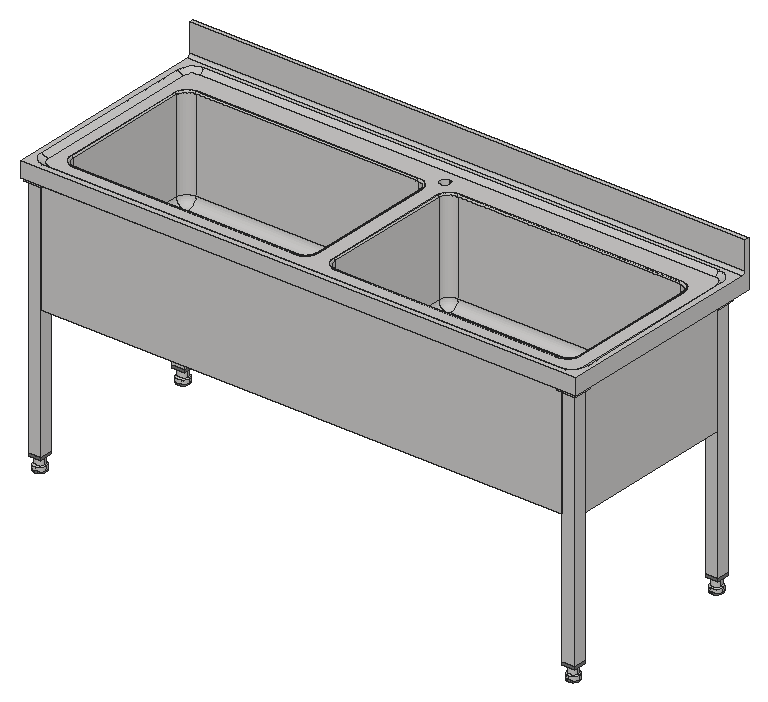
Revit family "QF_ZANUSSI_132914_SLP218N", category Attrezzature speciali, Revit 2020
Family settings
  Quota connettore circolare = Usa diametro
  Tipo di parte = Normale
  Basato su piano di lavoro = No
  Sempre verticale = Sì
  Taglio con vuoti quando caricato = No
  Condiviso = No
  Punto di calcolo locali = No
Parameters (values of type "Standard")
  Weight = 70.00 kg
  Watts = 0 W
  Volts = 0 V
  URL Manufacturer = "http://www.zanussiprofessional.com"
  URL = "http://www.zanussiprofessional.com"
  Steam Supply Size = 0 mm
  Steam Supply Minimum Pressure = 0.0 Pa
  Steam Supply Maximum Pressure = 0.0 Pa
  Steam Consumption per Hour = 0
  Refrigeration Suction Line Size = 0.0 mm
  Refrigeration Liquid Line Size = 0.0 mm
  Refrigerant Compressor Remote = yes
  Prospetto di default = 0.0 mm
  Phase = 0
  Modello = "SLP218N"
  Produttore = "Zanussi"
  Length Actual = 1800.0 mm  # constant formula
  Item Number = "132914"
  Hot Water Size = 0 mm
  Height Actual = 900.0 mm  # constant formula
  HP = "0 HP"
  Gas Size = 0 mm
  Gas KW = 0
  Gas Input Pressure = 0 W
  Direct Waste Size = 139.7 mm
  Descrizione = "SOAKING SINK UNIT WITH 2 BOWLS (800X510X340MM), 1800MM"
  Depth Actual = 700.0 mm  # constant formula
  Cycle = 0 Hz
  Condensate Return Size = 0 mm
  Compressed Air Volume = 0.0 L/s
  Compressed Air Size = 0 mm
  Compressed Air Pressure = 0.0 Pa
  Cold Water Size = 0 mm
  Accessory = yes
Reference planes
  plane 1 "Center (Front/Back)": y = 0
  plane 2: z = 0
  plane 3 "LEFT": x = -1000
  plane 4 "RIGHT": x = 800
  plane 5 "BACK": y = 350
  plane 6 "FRONT": y = -350
  plane 7 "Base": z = 850
  plane 8 "TOP": z = 900
  plane 9 "Sink_Base": z = 608
  plane 10: z = 441
  plane 11 "PlaneGrid": z = 890
  plane 12: y = 246.5
  plane 13: y = 141
  plane 14 "Center (Left/Right)": x = -100
  plane 15: x = -205
  plane 16: x = 5
Forms (mm)
  Extrusion 1, solid, material "QF_Finishes_Stainless Steel"
    sketch origin (-100, 0, 0) x (0, 1, 0) y (0, 0, 1)
      loop
        line (-350, 850) -> (350, 850) -> (350, 1000) -> (337, 1000) -> (337, 910)
        arc (337, 910) -> (334.071, 902.929) -> (327, 900) r 10
        line (327, 900) -> (-350, 900) -> (-350, 850)
    from 900 to -900
  Extrusion 2, void
    sketch origin (-106.5, -23.5, 608) x (0, -1, 0) y (1, 0, 0)
      loop
        circle (-270, 6.5) r 16
    from 292 to 170.245
  Blend 3, void
    base sketch origin (0, 0, 900) x (0, 1, 0) y (-1, 0, 0)
      loop
        arc (312.89, 934.89) -> (298.832, 968.832) -> (264.89, 982.89) r 48
        line (264.89, 982.89) -> (-284.89, 982.89)
        arc (-284.89, 982.89) -> (-318.832, 968.832) -> (-332.89, 934.89) r 48
        line (-332.89, 934.89) -> (-332.89, -734.89)
        arc (-332.89, -734.89) -> (-318.832, -768.832) -> (-284.89, -782.89) r 48
        line (-284.89, -782.89) -> (264.89, -782.89)
        arc (264.89, -782.89) -> (298.832, -768.832) -> (312.89, -734.89) r 48
        line (312.89, -734.89) -> (312.89, 934.89)
    top sketch origin (0, 0, 900) x (0, 1, 0) y (-1, 0, 0)
      loop
        arc (-284.457, 964.457) -> (-305.67, 955.67) -> (-314.457, 934.457) r 30
        line (-314.457, 934.457) -> (-314.457, -734.985)
        arc (-314.457, -734.985) -> (-305.67, -756.198) -> (-284.457, -764.985) r 30
        line (-284.457, -764.985) -> (264.457, -764.985)
        arc (264.457, -764.985) -> (285.67, -756.198) -> (294.457, -734.985) r 30
        line (294.457, -734.985) -> (294.457, 934.457)
        arc (294.457, 934.457) -> (285.67, 955.67) -> (264.457, 964.457) r 30
        line (264.457, 964.457) -> (-284.457, 964.457)
    from 0 to -10
  Extrusion 4, void
    sketch origin (100, -25.02, 900) x (0, 1, 0) y (-1, 0, 0)
      loop
        arc (247.02, 986) -> (235.304, 1014.284) -> (207.02, 1026) r 40
        line (207.02, 1026) -> (-212.98, 1026)
        arc (-212.98, 1026) -> (-241.264, 1014.284) -> (-252.98, 986) r 40
        line (-252.98, 986) -> (-252.98, 264)
        arc (-252.98, 264) -> (-241.264, 235.716) -> (-212.98, 224) r 40
        line (-212.98, 224) -> (207.02, 224)
        arc (207.02, 224) -> (235.304, 235.716) -> (247.02, 264) r 40
        line (247.02, 264) -> (247.02, 986)
      loop
        line (-252.98, 136) -> (-252.98, -586)
        arc (-252.98, -586) -> (-241.264, -614.284) -> (-212.98, -626) r 40
        line (-212.98, -626) -> (207.02, -626)
        arc (207.02, -626) -> (235.304, -614.284) -> (247.02, -586) r 40
        line (247.02, -586) -> (247.02, 136)
        arc (247.02, 136) -> (235.304, 164.284) -> (207.02, 176) r 40
        line (207.02, 176) -> (-212.98, 176)
        arc (-212.98, 176) -> (-241.264, 164.284) -> (-252.98, 136) r 40
    from 63.904 to -121.755
Cuts and joins
  Extrusion 2, Blend 3, Extrusion 4 cuts Extrusion 1
Lines and regions (mm)
  symbolic lines
    curve 1: line (800, 350, 900) -> (-1000, 350, 900)
    curve 2: line (-1000, 350, 900) -> (-1000, -350, 900)
    curve 3: line (-1000, -350, 900) -> (800, -350, 900)
    curve 4: line (800, -350, 900) -> (800, 350, 900)
    curve 5: line (800, 337, 900) -> (-1000, 337, 900)
    curve 6: line (-982.89, -257.89, 900) -> (-982.89, 237.89, 900)
    curve 7: circle (-100, 246.5, 900) r 16 normal (0, 0, 1)
    curve 8: arc (-982.89, 264.89, 900) -> (-968.832, 298.832, 900) -> (-934.89, 312.89, 900) r 48
    curve 9: line (-934.89, 312.89, 900) -> (734.89, 312.89, 900)
    curve 10: line (-982.89, -284.89, 900) -> (-982.89, 264.89, 900)
    curve 11: arc (-934.89, -332.89, 900) -> (-968.832, -318.832, 900) -> (-982.89, -284.89, 900) r 48
    curve 12: line (734.89, -332.89, 900) -> (-934.89, -332.89, 900)
    curve 13: arc (782.89, -284.89, 900) -> (768.832, -318.832, 900) -> (734.89, -332.89, 900) r 48
    curve 14: line (782.89, 264.89, 900) -> (782.89, -284.89, 900)
    curve 15: arc (734.89, 312.89, 900) -> (768.832, 298.832, 900) -> (782.89, 264.89, 900) r 48
    curve 16: line (764.985, -284.457, 900) -> (764.985, 264.457, 900)
    curve 17: arc (764.985, 264.457, 900) -> (756.198, 285.67, 900) -> (734.985, 294.457, 900) r 30
    curve 18: line (734.985, 294.457, 900) -> (-934.457, 294.457, 900)
    curve 19: arc (-934.457, 294.457, 900) -> (-955.67, 285.67, 900) -> (-964.457, 264.457, 900) r 30
    curve 20: line (-964.457, 264.457, 900) -> (-964.457, -284.457, 900)
    curve 21: arc (-964.457, -284.457, 900) -> (-955.67, -305.67, 900) -> (-934.457, -314.457, 900) r 30
    curve 22: line (-934.457, -314.457, 900) -> (734.985, -314.457, 900)
    curve 23: arc (734.985, -314.457, 900) -> (756.198, -305.67, 900) -> (764.985, -284.457, 900) r 30
Dimensions and locks
  plane 3 "LEFT" to plane 4 "RIGHT" = 1800.0 mm  (x2)
  locked: plane 7 "Base" to level at 850
  locked: Extrusion 1 to level at 1000
  plane 8 "TOP" to level = 900.0 mm
  plane 5 "BACK" to plane 6 "FRONT" = 700.0 mm
  equal spacing: plane 5 "BACK", plane 1 "Center (Front/Back)", plane 6 "FRONT"
  plane 9 "Sink_Base" to level = 608.0 mm
  plane 10 to level = 441.0 mm
  locked: plane 5 "BACK" to plane 13 at 209
  aligned and locked: level to plane 2
  aligned and locked: curve 2 to plane 3 "LEFT"
Automatic sketch dimensions
  plane 6 "FRONT" to Blend 3 sketch curve = 17.11 mm
  Blend 3 sketch curve to Blend 3 sketch curve = 48.0 mm  (x3)
  plane 3 "LEFT" to Blend 3 sketch curve = 17.11 mm
  plane 6 "FRONT" to Blend 3 sketch curve = 65.11 mm
  Blend 3 sketch curve to plane 5 "BACK" = 37.11 mm
  Blend 3 sketch curve to plane 4 "RIGHT" = 65.11 mm
  curve 3 to plane 4 "RIGHT" = 0.0 mm
  curve 3 to plane 6 "FRONT" = 0.0 mm
  curve 4 to plane 5 "BACK" = 0.0 mm
  curve 5 to plane 5 "BACK" = 13.0 mm
  plane 6 "FRONT" to curve 6 = 92.11 mm
  plane 3 "LEFT" to curve 6 = 17.11 mm
  plane 6 "FRONT" to Blend 3 sketch curve = 35.543 mm
  Blend 3 sketch curve to Blend 3 sketch curve = 30.0 mm  (x3)
  Blend 3 sketch curve to plane 4 "RIGHT" = 35.015 mm
  plane 3 "LEFT" to Blend 3 sketch curve = 65.543 mm
  curve 9 to plane 5 "BACK" = 37.11 mm
  curve 8 to curve 6 = 48.0 mm
  curve 10 to curve 6 = 27.0 mm
  curve 11 to curve 11 = 48.0 mm
  curve 12 to plane 4 "RIGHT" = 65.11 mm
  curve 13 to curve 13 = 48.0 mm
  curve 15 to curve 16 = 17.905 mm
  curve 17 to curve 15 = 0.095 mm
  curve 13 to curve 16 = 0.433 mm
  curve 18 to curve 8 = 0.433 mm
  curve 19 to curve 8 = 0.433 mm
  curve 11 to curve 20 = 0.433 mm
  curve 21 to curve 11 = 0.433 mm
  curve 22 to curve 13 = 0.095 mm
  plane 6 "FRONT" to Extrusion 4 sketch curve = 72.0 mm  (x2)
  Extrusion 4 sketch curve to Extrusion 4 sketch curve = 40.0 mm  (x5)
  Extrusion 4 sketch curve to Extrusion 4 sketch curve = 0.0 mm  (x2)
  Extrusion 4 sketch curve to plane 4 "RIGHT" = 114.0 mm
  plane 3 "LEFT" to Extrusion 4 sketch curve = 114.0 mm
  curve 19 to curve 18 = 30.0 mm
  curve 17 to curve 17 = 30.0 mm
  curve 7 to plane 5 "BACK" = 103.5 mm
  curve 6 to curve 8 = 27.0 mm
  Extrusion 2 sketch curve to plane 5 "BACK" = 103.5 mm
  Blend 3 sketch curve to plane 5 "BACK" = 85.543 mm  (x2)
  Extrusion 4 sketch curve to plane 12 = 64.5 mm  (x3)
  Extrusion 4 sketch curve to Extrusion 4 sketch curve = 48.0 mm
  curve 15 to curve 7 = 834.89 mm
  Extrusion 2 sketch curve to plane 4 "RIGHT" = 900.0 mm
  Extrusion 4 sketch curve to plane 4 "RIGHT" = 836.0 mm
  Extrusion 1 sketch curve to plane 6 "FRONT" = 0.0 mm
  Extrusion 1 sketch curve to plane 8 "TOP" = 0.0 mm
  Extrusion 1 sketch curve to plane 5 "BACK" = 0.0 mm
  Extrusion 1 sketch curve to plane 7 "Base" = 0.0 mm
  plane 8 "TOP" to Extrusion 1 sketch curve = 10.0 mm
  Extrusion 1 sketch curve to plane 5 "BACK" = 23.0 mm
  Extrusion 1 sketch curve to Extrusion 1 sketch curve = 90.0 mm
  radius of Extrusion 2 sketch curve = 16.0 mm
  radius of curve 7 = 16.0 mm
Nested families
  nested 1: "SINK_Vasca80x50_T3_DEEP" at (-524.949, -28, 0), type "SINK_Vasca80x50_T3_DEEP"
  nested 2: "SINK_Vasca80x50_T3_DEEP" at (324.949, -28, 0) x (-1, 0, 0) z (0, 0, 1), type "SINK_Vasca80x50_T3_DEEP"
  nested 3: "TAV_W1800_CASSH" at (-250, 0, 0), type "TAV_W1800_CASSH"
Connectors
  piping at (-205, 141, 528.5), diameter 30
    settings: on nested 1, index 1, connector inside diameter 609.6 mm, connector length 0.0 mm, flow factor 0, pipe flow 0.0 L/s, pressure drop 0.0 Pa, fitting loss kfactor 0, connector angle 0.00°, fixture units 0, engagement length 0.0 mm, angle of deflection 0.00°, flow configuration 1, flow direction 2, fitting loss method 0, system type 16, joint type 0, gender type 0, connector reference index -1, connector utility 0, adjustable connector no, is connector primary yes, connector description "Drain 1"
  piping at (5, 141, 528.5), diameter 30
    settings: on nested 2, index 2, connector inside diameter 609.6 mm, connector length 0.0 mm, flow factor 0, pipe flow 0.0 L/s, pressure drop 0.0 Pa, fitting loss kfactor 0, connector angle 0.00°, fixture units 0, engagement length 0.0 mm, angle of deflection 0.00°, flow configuration 1, flow direction 2, fitting loss method 0, system type 16, joint type 0, gender type 0, connector reference index -1, connector utility 0, adjustable connector no, is connector primary no, connector description "Drain 2"
Definition of nested family "SINK_Vasca80x50_T3_DEEP"
  Parameters
    Width = 800.0 mm
    ScaricoY = 80.0 mm
    ScaricoX = 80.0 mm
    Default Elevation = 0.0 mm
    Height_Top = 900.0 mm
    FEET = 850.0 mm
    Depth = 500.0 mm
  Reference planes
    plane 1 "Center (Front/Back)": y = 0
    plane 2: z = 0
    plane 3 "Center (Left/Right)": x = 0
    plane 4 "Top": z = 900
    plane 5 "Left": x = -400
    plane 6 "Right": x = 400
    plane 7 "Back": y = 250
    plane 8 "Front": y = -250
    plane 9 "BaseVasca": z = 558
    plane 10: y = 169
    plane 11: x = 319.949
  Forms (mm)
    Sweep 1, solid
      path origin (1.49, 0, 900) x (-1, 0, 0) y (0, -1, 0)
        loop
          line (-398.51, 210) -> (-398.51, -210)
          arc (-398.51, -210) -> (-386.794, -238.284) -> (-358.51, -250) r 40
          line (-358.51, -250) -> (360.416, -250)
          arc (360.416, -250) -> (389.46, -237.97) -> (401.49, -208.926) r 41.074
          line (401.49, -208.926) -> (401.49, 209.721)
          arc (401.49, 209.721) -> (389.693, 238.203) -> (361.211, 250) r 40.279
          line (361.211, 250) -> (-358.51, 250)
          arc (-358.51, 250) -> (-386.794, 238.284) -> (-398.51, 210) r 40
      profile origin (400, 0, 900) x (-1, 0, 0) y (0, 0, 1)
        loop
          arc (5, -15) -> (3.536, -11.464) -> (0, -10) r 5
          line (0, -10) -> (0, -11.5)
          arc (0, -11.5) -> (2.475, -12.525) -> (3.5, -15) r 3.5
          line (3.5, -15) -> (3.5, -310.5)
          arc (3.5, -310.5) -> (12.726, -332.774) -> (35, -342) r 31.5
          line (35, -342) -> (35, -340.5)
          arc (35, -340.5) -> (13.787, -331.713) -> (5, -310.5) r 30
          line (5, -310.5) -> (5, -15)
    Revolve 2, solid
      sketch origin (319.949, -10, 0) x (0, 1, 0) y (0, 0, 1)
        loop
          line (195.5, 542.617) -> (207.058, 549.84) -> (207.058, 558) -> (205.558, 558) -> (205.558, 550.671) -> (194, 543.449) -> (194, 528.5) -> (195.5, 528.5) -> (195.5, 542.617)
        axis (179, 558) -> (179, 528.5)
      angle from 0 to 360
    Extrusion 3, solid
      sketch origin (49, 0, 558) x (0, -1, 0) y (1, 0, 0)
        loop
          line (-215, 311) -> (-215, -407.926)
          arc (-215, -407.926) -> (-213.221, -412.221) -> (-208.926, -414) r 6.074
          line (-208.926, -414) -> (209.721, -414)
          arc (209.721, -414) -> (213.454, -412.454) -> (215, -408.721) r 5.279
          line (215, -408.721) -> (215, 311)
          arc (215, 311) -> (213.536, 314.536) -> (210, 316) r 5
          line (210, 316) -> (-210, 316)
          arc (-210, 316) -> (-213.536, 314.536) -> (-215, 311) r 5
      from 0 to 1.5
    Extrusion 4, void
      sketch origin (0, 0, 558) x (0, -1, 0) y (1, 0, 0)
        loop
          circle (-169, 319.949) r 28
      from -140.513 to 32.144
  Cuts and joins
    Extrusion 4 cuts Sweep 1
    Extrusion 4 cuts Extrusion 3
    joined: Sweep 1, Extrusion 3
  Lines and regions (mm)
    symbolic lines
      curve 1: circle (319.949, 169.058, 0) r 16.5 normal (0, 0, -1)
      curve 2: arc (-360, 250, 0) -> (-388.284, 238.284, 0) -> (-400, 210, 0) r 40
      curve 3: arc (-400, -210, 0) -> (-388.284, -238.284, 0) -> (-360, -250, 0) r 40
      curve 4: line (-400, 210, 0) -> (-400, -210, 0)
      curve 5: line (-360, -250, 0) -> (360, -250, 0)
      curve 6: line (360, 250, 0) -> (-360, 250, 0)
      curve 7: arc (360, -250, 0) -> (388.284, -238.284, 0) -> (400, -210, 0) r 40
      curve 8: arc (400, 210, 0) -> (388.284, 238.284, 0) -> (360, 250, 0) r 40
      curve 9: line (400, 210, 0) -> (400, -210, 0)
  Dimensions and locks
    equal spacing: plane 5 "Left", plane 3 "Center (Left/Right)", plane 6 "Right"
    "Width": plane 5 "Left" to plane 6 "Right"
    equal spacing: plane 7 "Back", plane 1 "Center (Front/Back)", plane 8 "Front"
    "Depth": plane 7 "Back" to plane 8 "Front"
    "Height_Top": plane 4 "Top" to level
    plane 9 "BaseVasca" to level = 558.0 mm
    aligned and locked: level to plane 2
  Automatic sketch dimensions
    curve 4 to plane 5 "Left" = 0.0 mm
    curve 6 to plane 7 "Back" = 0.0 mm
    curve 3 to plane 8 "Front" = 0.0 mm
    curve 1 to plane 11 = 0.0 mm
    curve 7 to plane 6 "Right" = 0.0 mm
    curve 4 to curve 3 = 40.0 mm
    plane 5 "Left" to curve 6 = 40.0 mm
    curve 6 to plane 6 "Right" = 40.0 mm
    curve 5 to plane 6 "Right" = 40.0 mm
    plane 10 to curve 1 = 0.058 mm
    Sweep 1 sketch curve to plane 6 "Right" = 0.0 mm
    Sweep 1 sketch curve to plane 8 "Front" = 0.0 mm
    Sweep 1 sketch curve to plane 7 "Back" = 0.0 mm
    Sweep 1 sketch curve to plane 5 "Left" = 0.0 mm
    Sweep 1 sketch curve to Sweep 1 sketch curve = 40.0 mm  (x2)
    plane 10 to Sweep 1 sketch curve = 39.926 mm
    plane 5 "Left" to Sweep 1 sketch curve = 40.279 mm
    Sweep 1 sketch curve to Sweep 1 sketch curve = 0.0 mm  (x4)
    Sweep 1 sketch curve to profile plane = 0.0 mm
    Sweep 1 sketch curve to profile plane = 3.5 mm
    Sweep 1 sketch curve to Sweep 1 sketch curve = 1.5 mm
    Sweep 1 sketch curve to Sweep 1 sketch curve = 30.0 mm
    Sweep 1 sketch curve to plane 4 "Top" = 342.0 mm
    Sweep 1 sketch curve to plane 4 "Top" = 15.0 mm
    Revolve 2 sketch curve to plane 10 = 0.0 mm
    plane 9 "BaseVasca" to Revolve 2 sketch curve = 0.0 mm
    plane 10 to Revolve 2 sketch curve = 15.0 mm
    Revolve 2 sketch curve to Revolve 2 sketch curve = 1.5 mm  (x2)
    Revolve 2 sketch curve to Revolve 2 sketch curve = 10.058 mm
    plane 9 "BaseVasca" to Revolve 2 sketch curve = 7.329 mm
    Revolve 2 sketch curve to Revolve 2 sketch curve = 0.831 mm  (x2)
    Revolve 2 sketch curve to Revolve 2 sketch curve = 7.222 mm
    Revolve 2 sketch curve to Revolve 2 sketch curve = 14.117 mm
    Revolve 2 sketch curve to Revolve 2 sketch curve = 22.0 mm
    Revolve 2 sketch curve to plane 9 "BaseVasca" = 88.5 mm
    Extrusion 4 sketch curve to plane 10 = 0.0 mm
    Extrusion 4 sketch curve to plane 11 = 0.0 mm
    Extrusion 3 sketch curve to plane 7 "Back" = 35.0 mm
    Extrusion 3 sketch curve to Extrusion 3 sketch curve = 6.074 mm
    plane 5 "Left" to Extrusion 3 sketch curve = 35.0 mm
    Extrusion 3 sketch curve to Extrusion 3 sketch curve = 5.0 mm
    plane 8 "Front" to Extrusion 3 sketch curve = 40.0 mm
    Extrusion 3 sketch curve to Extrusion 3 sketch curve = 5.279 mm
    Extrusion 3 sketch curve to plane 6 "Right" = 40.0 mm  (x2)
    radius of curve 1 = 16.5 mm
    radius of Extrusion 4 sketch curve = 28.0 mm
Definition of nested family "TAV_W1800_CASSH"
  Parameters
    Default Elevation = 0.0 mm
    Model = "TAV_W1800_CASSH"
    Manufacturer = "Electrolux Professional"
    Description = ""
  Reference planes
    plane 1 "Center (Front/Back)": y = 0
    plane 2: z = 0
    plane 3 "Center (Left/Right)": x = 150
    plane 4 "LEFT": x = -750
    plane 5 "RIGHT": x = 1050
    plane 6 "BACK": y = 350
    plane 7 "FRONT": y = -350
    plane 8 "Base": z = 850
    plane 9 "TOP": z = 900
    plane 10: x = -714.5
    plane 11: x = 1014.5
    plane 12: y = 265.5
    plane 13: y = -314.5
    plane 14: x = -694.5
    plane 15: x = 994.5
    plane 16 "RIPIANO": z = 200
  Forms (mm)
    Extrusion 1, solid
      sketch origin (0, 0.5, 850) x (0, 1, 0) y (-1, 0, 0)
        loop
          line (245, 734.5) -> (-295, 734.5) -> (-295, 733) -> (245, 733) -> (245, 734.5)
        loop
          line (-295, -1034.5) -> (285, -1034.5) -> (285, -1033) -> (-295, -1033) -> (-295, -1034.5)
        loop
          line (-335, 694.5) -> (-335, -994.5) -> (-333.5, -994.5) -> (-333.5, 694.5) -> (-335, 694.5)
      from -10 to -370
    Extrusion 2, solid
      sketch origin (-4.534, 0, 850) x (0, 1, 0) y (-1, 0, 0)
        loop
          line (235.5, 729.966) -> (-284.5, 729.966) -> (-284.5, 689.966) -> (235.5, 689.966) -> (235.5, 729.966)
        loop
          line (-334.506, 679.966) -> (-334.506, -989.034) -> (-294.506, -989.034) -> (-294.506, 679.966) -> (-334.506, 679.966)
        loop
          line (-284.5, -1039.034) -> (235.5, -1039.034) -> (235.5, -999.034) -> (-284.5, -999.034) -> (-284.5, -1039.034)
        loop
          line (285.5, 679.966) -> (245.5, 679.966) -> (245.5, -989.034) -> (285.5, -989.034) -> (285.5, 679.966)
      from 0 to -10
  Lines and regions (mm)
    symbolic lines, detail levels coarse
      curve 1: line (-750, 350, 200) -> (1050, 350, 200)
      curve 2: line (-750, -350, 200) -> (-750, 350, 200)
      curve 3: line (1050, -350, 200) -> (-750, -350, 200)
      curve 4: line (1050, 350, 200) -> (1050, -350, 200)
  Dimensions and locks
    plane 4 "LEFT" to plane 5 "RIGHT" = 1800.0 mm
    equal spacing: plane 4 "LEFT", plane 3 "Center (Left/Right)", plane 5 "RIGHT"
    locked: plane 8 "Base" to level at 850
    plane 4 "LEFT" to plane 10 = 35.5 mm
    plane 11 to plane 5 "RIGHT" = 35.5 mm
    plane 10 to plane 11 = 1729.0 mm
    plane 9 "TOP" to level = 900.0 mm
    plane 6 "BACK" to plane 12 = 84.5 mm
    plane 13 to plane 7 "FRONT" = 35.5 mm
    plane 6 "BACK" to plane 7 "FRONT" = 700.0 mm
    plane 12 to plane 13 = 580.0 mm
    equal spacing: plane 6 "BACK", plane 1 "Center (Front/Back)", plane 7 "FRONT"
    locked: plane 14 to plane 4 "LEFT" at 55.5
    locked: plane 5 "RIGHT" to plane 15 at 55.5
    plane 16 "RIPIANO" to level = 200.0 mm
    plane 2 to plane 16 "RIPIANO" to plane 8 "Base" = 200.0 mm, 650.0 mm
    aligned and locked: level to plane 2
    aligned and locked: plane 10 to nested 1
    aligned and locked: nested 1 to plane 13
    aligned and locked: plane 11 to nested 2
    aligned and locked: nested 2 to plane 13
    aligned and locked: plane 11 to nested 4
    aligned and locked: nested 4 to plane 12
    aligned and locked: plane 10 to nested 3
    aligned and locked: nested 3 to plane 12
    aligned and locked: plane 14 to Extrusion 1 sketch curve
    aligned and locked: Extrusion 1 sketch curve to plane 15
    aligned and locked: Extrusion 1 to Extrusion 2
  Automatic sketch dimensions
    plane 7 "FRONT" to Extrusion 1 sketch curve = 15.5 mm
    plane 13 to Extrusion 1 sketch curve = 20.0 mm  (x2)
    plane 4 "LEFT" to Extrusion 1 sketch curve = 15.5 mm
    Extrusion 1 sketch curve to plane 5 "RIGHT" = 15.5 mm
    Extrusion 1 sketch curve to Extrusion 1 sketch curve = 1.5 mm  (x3)
    Extrusion 1 sketch curve to plane 6 "BACK" = 104.5 mm
    Extrusion 1 sketch curve to plane 6 "BACK" = 64.5 mm
    plane 15 to Extrusion 2 sketch curve = 10.0 mm  (x2)
    plane 7 "FRONT" to Extrusion 2 sketch curve = 15.494 mm
    plane 13 to Extrusion 2 sketch curve = 19.994 mm
    Extrusion 2 sketch curve to plane 5 "RIGHT" = 15.5 mm
    plane 13 to Extrusion 2 sketch curve = 30.0 mm  (x2)
    Extrusion 2 sketch curve to plane 14 = 0.0 mm
    Extrusion 2 sketch curve to plane 12 = 30.0 mm  (x2)
    Extrusion 2 sketch curve to plane 12 = 20.0 mm
    plane 12 to Extrusion 2 sketch curve = 20.0 mm
    Extrusion 2 sketch curve to plane 15 = 0.0 mm
    Extrusion 2 sketch curve to plane 14 = 10.0 mm  (x2)
    Extrusion 2 sketch curve to plane 10 = 20.0 mm
    curve 3 to plane 4 "LEFT" = 0.0 mm
    curve 3 to plane 7 "FRONT" = 0.0 mm
    curve 2 to plane 6 "BACK" = 0.0 mm
    curve 1 to plane 5 "RIGHT" = 0.0 mm
  Nested families
    nested 1: "FEET_40x40_TAV" at (-714.5, -314.5, 0), type "FEET_40x40_TAV"
    nested 2: "FEET_40x40_TAV" at (1014.5, -314.5, 0), type "FEET_40x40_TAV"
    nested 3: "FEET_40x40_TAV" at (-714.5, 265.5, 0), type "FEET_40x40_TAV"
    nested 4: "FEET_40x40_TAV" at (1014.5, 265.5, 0), type "FEET_40x40_TAV"
  Definition of nested family "FEET_40x40_TAV"
    Parameters
      Default Elevation = 0.0 mm
      FEET = 850.0 mm
    Reference planes
      plane 1 "Center (Front/Back)": y = 0
      plane 2: z = 0
      plane 3 "Center (Left/Right)": x = 0
      plane 4: z = 850
    Forms (mm)
      Extrusion 1, solid
        sketch origin (0, 0, 0) x (1, 0, 0) y (0, 1, 0)
          loop
            line (-20, -20) -> (20, -20) -> (20, 20) -> (-20, 20) -> (-20, -20)
        from 50 to 840
      Extrusion 2, solid
        sketch origin (0, 0, 0) x (1, 0, 0) y (0, 1, 0)
          loop
            circle (0, 0) r 20
        from 0 to 5
      Extrusion 3, solid
        sketch origin (0, 0, 0) x (1, 0, 0) y (0, 1, 0)
          loop
            line (30, 30) -> (-30, 30) -> (-30, -30) -> (30, -30) -> (30, 30)
        from 840 to 850
      Extrusion 4, solid
        sketch origin (0, 0, 0) x (1, 0, 0) y (0, 1, 0)
          loop
            line (-20, -20) -> (20, -20) -> (20, 20) -> (-20, 20) -> (-20, -20)
        from 50 to 42
      Revolve 5, solid
        sketch origin (0, 0, 0) x (1, 0, 0) y (0, 0, 1)
          loop
            line (0, 42) -> (-15, 42) -> (-15, 20) -> (-20, 15) -> (-20, 5) -> (0, 5) -> (0, 42)
          axis (0, 42) -> (0, 5)
        angle from 0 to 360
    Lines and regions (mm)
      symbolic lines
        curve 1: line (0, -1.503, 0) -> (0, 1.508, 0)
        curve 2: line (1.561, 0, 0) -> (-1.439, 0, 0)
    Dimensions and locks
      "FEET": plane 4 to plane 2
      aligned and locked: level to plane 2
    Automatic sketch dimensions
      plane 1 "Center (Front/Back)" to curve 2 = 0.0 mm
      curve 1 to plane 3 "Center (Left/Right)" = 0.0 mm
      curve 2 to plane 3 "Center (Left/Right)" = 1.439 mm
      plane 3 "Center (Left/Right)" to curve 2 = 1.561 mm
      plane 1 "Center (Front/Back)" to curve 1 = 1.503 mm
      curve 1 to plane 1 "Center (Front/Back)" = 1.508 mm
      Extrusion 1 sketch curve to plane 3 "Center (Left/Right)" = 20.0 mm
      plane 3 "Center (Left/Right)" to Extrusion 1 sketch curve = 20.0 mm
      plane 1 "Center (Front/Back)" to Extrusion 1 sketch curve = 20.0 mm
      Extrusion 1 sketch curve to plane 1 "Center (Front/Back)" = 20.0 mm
      plane 1 "Center (Front/Back)" to Extrusion 2 sketch curve = 0.0 mm
      Extrusion 2 sketch curve to plane 3 "Center (Left/Right)" = 0.0 mm
      Extrusion 3 sketch curve to plane 3 "Center (Left/Right)" = 30.0 mm
      plane 3 "Center (Left/Right)" to Extrusion 3 sketch curve = 30.0 mm
      plane 1 "Center (Front/Back)" to Extrusion 3 sketch curve = 30.0 mm
      Extrusion 3 sketch curve to plane 1 "Center (Front/Back)" = 30.0 mm
      Extrusion 4 sketch curve to plane 3 "Center (Left/Right)" = 20.0 mm
      plane 3 "Center (Left/Right)" to Extrusion 4 sketch curve = 20.0 mm
      plane 1 "Center (Front/Back)" to Extrusion 4 sketch curve = 20.0 mm
      Extrusion 4 sketch curve to plane 1 "Center (Front/Back)" = 20.0 mm
      Revolve 5 sketch curve to plane 3 "Center (Left/Right)" = 0.0 mm  (x2)
      Revolve 5 sketch curve to plane 3 "Center (Left/Right)" = 15.0 mm
      Revolve 5 sketch curve to Revolve 5 sketch curve = 5.0 mm  (x3)
      level to Revolve 5 sketch curve = 5.0 mm
      Revolve 5 sketch curve to Revolve 5 sketch curve = 10.0 mm
      Revolve 5 sketch curve to Revolve 5 sketch curve = 22.0 mm
      Revolve 5 sketch curve to level = 9.561 mm
      radius of Extrusion 2 sketch curve = 20.0 mm
